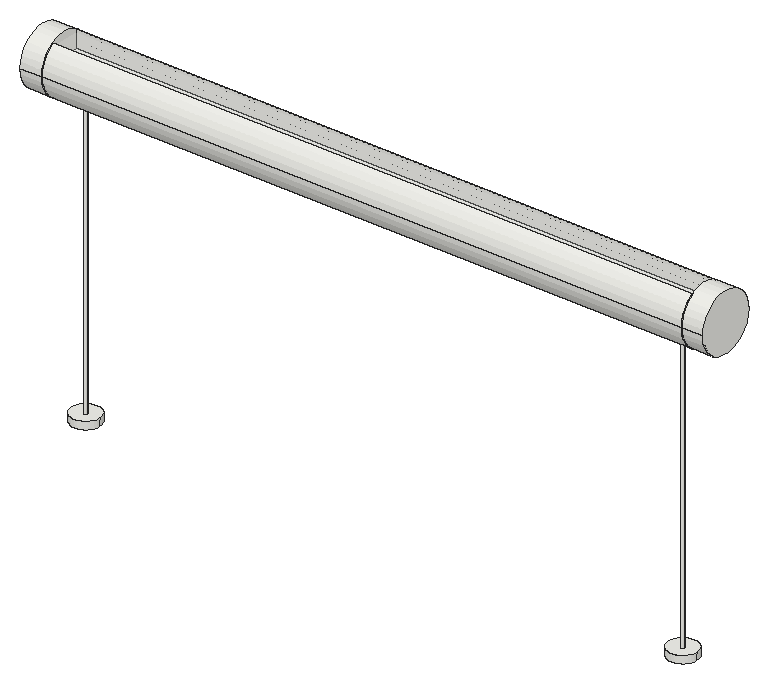
Revit family "2c8df626392e4534b9e8b4bc8ff0fa62", category Lighting Fixtures, host Face, Revit 2021
Family settings
  Host = Face
  Round Connector Dimension = Use Diameter
  Part Type = Normal
  OmniClass Number = 23.80.70.11.11
  OmniClass Title = General Luminaries, Non Directional
  Seek Item ID = Pendant Light - Linear - 1 Lamp-0000-USA-ENU
  Cut with Voids When Loaded = No
  Light Source = Yes
  Shared = No
  Room Calculation Point = No
Parameters (values of type "48" - 120V")
  Wattage = 40 W
  built-in parameter 1150110 = 1 (stored number, unit not read)
  built-in parameter 1150109 = 1 (stored number, unit not read)
  built-in parameter 1150134 = 8
  built-in parameter 1150113 = 1 (stored number, unit not read)
  Tilt Angle = -90.00°
  Photometric Web File = "1x41T12.ies"
  Lumens = 3150 lm
  built-in parameter 1114217 = 0.88 (stored number, unit not read)
  built-in parameter 1150115 = 1 (stored number, unit not read)
  built-in parameter 1150105 = 250.67 (stored number, unit not read)
  Load Classification = Lighting - Dwelling Unit
  built-in parameter 1150137 = 1
  built-in parameter 1150139 = (empty or 0)
  Light Casing Material = Steel, Paint Finish, Ivory, Glossy
  Light Casing Length = 4' - 0"
  Length 1 = Light Casing Length / 2  # 2' - 0"
  built-in parameter 1150112 = 1 (stored number, unit not read)
  built-in parameter 1150114 = 1 (stored number, unit not read)
  Lamp = "T-12"
  built-in parameter 1150132 = (empty or 0)
  built-in parameter 1150102 = (empty or 0)
  built-in parameter 1150138 = (empty or 0)
  built-in parameter 1150107 = 4230 (stored number, unit not read)
  built-in parameter 1150106 = 2.5067 (stored number, unit not read)
  Emit from Line Length = Light Casing Length - 0' 3"  # 3' - 9"
  built-in parameter 1150104 = 7.3161 (stored number, unit not read)
  Drop From Ceiling = 2' - 0"
  Dimming Lamp Color Temperature Shift = <None>
  Diffuser Material = Glass, White, High Luminance
  Default Elevation = 4' - 0"
  Color Filter = 16777215
  Ceiling Mount Material = Steel, Paint Finish, Ivory, Glossy
  built-in parameter 1140040 [instance] = 1
  Ballast Voltage = 120 V
  Ballast Number of Poles = 1
  built-in parameter 1114218 = 0.88 (stored number, unit not read)
  built-in parameter 1150133 = 10 (stored number, unit not read)
  Assembly Code = ""
  Apparent Load = 40 VA
Types (4): name | Wattage | Photometric Web File | Lumens | built-in parameter 1150105 | Light Casing Length | Length 1 | built-in parameter 1150106 | Emit from Line Length | built-in parameter 1150104 | Drop From Ceiling | Ballast Voltage | Apparent Load
  48" - 120V | 40 W | "1x41T12.ies" | 3150 lm | 250.67 (stored number, unit not read) | 4' - 0" | 2' - 0" | 2.5067 (stored number, unit not read) | 3' - 9" | 7.3161 (stored number, unit not read) | 2' - 0" | 120 V | 40 VA
  48" - 277V | 40 W | "1x41T12.ies" | 3150 lm | 250.67 (stored number, unit not read) | 4' - 0" | 2' - 0" | 2.5067 (stored number, unit not read) | 3' - 9" | 7.3161 (stored number, unit not read) | 2' - 0" | 277 V | 40 VA
  96" - 120V | 64 W | "482T12.ies" | 6000 lm | 477.46 (stored number, unit not read) | 8' - 0" | 4' - 0" | 4.7746 (stored number, unit not read) | 7' - 9" | 8.7097 (stored number, unit not read) | 1' - 0" | 120 V | 64 VA
  96" - 277V | 64 W | "482T12.ies" | 6000 lm | 477.46 (stored number, unit not read) | 8' - 0" | 4' - 0" | 4.7746 (stored number, unit not read) | 7' - 9" | 8.7097 (stored number, unit not read) | 1' - 0" | 277 V | 64 VA
Reference planes (in)
  plane 1 "Center (Front/Back)": y = 0
  plane 2: z = 0
  plane 3 "Center (Left/Right)": x = 0
  plane 4: z = 0.5
  plane 5: z = 22
  plane 6: z = 20
  plane 7: z = 23.5
  plane 8: z = 24
  plane 9: z = 23
  plane 10: x = -24
  plane 11: x = 24
  plane 12: x = -22.5
  plane 13: x = 22.5
  plane 14: x = -21
  plane 15: x = 21
  plane 16: z = 20.5
  plane 17: y = 1
  plane 18: y = -1
Forms (in)
  Extrusion 1, solid, material "Steel, Paint Finish, Ivory, Glossy" <- "Ceiling Mount Material"
    sketch origin (0, 0, 0) x (1, 0, 0) y (0, 1, 0)
      loop
        circle (-21, 0) r 1
    from 0 to 0.5
  Extrusion 2, solid, material "Steel, Paint Finish, Ivory, Glossy" <- "Ceiling Mount Material"
    sketch origin (0, 0, 0) x (1, 0, 0) y (0, 1, 0)
      loop
        circle (21, 0) r 1
    from 0 to 0.5
  Extrusion 3, solid, material "Steel, Paint Finish, Ivory, Glossy" <- "Ceiling Mount Material"
    sketch origin (0, 0, 0) x (1, 0, 0) y (0, 1, 0)
      loop
        circle (-21, 0) r 0.125
    from 0 to 20.5
  Extrusion 4, solid, material "Steel, Paint Finish, Ivory, Glossy" <- "Ceiling Mount Material"
    sketch origin (0, 0, 0) x (1, 0, 0) y (0, 1, 0)
      loop
        circle (21, 0) r 0.125
    from 0 to 20.5
  Extrusion 5, solid, material "Steel, Paint Finish, Ivory, Glossy" <- "Light Casing Material"
    sketch origin (0, 0, 0) x (0, 1, 0) y (0, 0, 1)
      loop
        circle (0, 22) r 2
    from -22.5 to 22.5
  Extrusion 6, solid, material "Steel, Paint Finish, Ivory, Glossy" <- "Light Casing Material"
    sketch origin (0, 0, 0) x (0, 1, 0) y (0, 0, 1)
      loop
        circle (0, 22) r 2
    from 22.5 to 24
  Extrusion 7, solid, material "Steel, Paint Finish, Ivory, Glossy" <- "Light Casing Material"
    sketch origin (0, 0, 0) x (0, 1, 0) y (0, 0, 1)
      loop
        circle (0, 22) r 2
    from -24 to -22.5
  Extrusion 8, void
    sketch origin (0, 0, 2.5) x (0, 1, 0) y (0, 0, 1)
      loop
        line (1, 21.5) -> (-1, 21.5) -> (-1, 20) -> (1, 20) -> (1, 21.5)
    from -46.5 to 46.5
  Extrusion 9, solid, material "Glass, White, High Luminance" <- "Diffuser Material"
    sketch origin (0, 0, 0) x (0, 1, 0) y (0, 0, 1)
      loop
        line (-1, 23) -> (1, 23) -> (1, 23.5) -> (-1, 23.5) -> (-1, 23)
    from -22.5 to 22.5
Cuts and joins
  Extrusion 8 cuts Extrusion 5
  joined: Extrusion 2, Extrusion 4
  joined: Extrusion 1, Extrusion 3
Lines and regions (in)
  symbolic lines
    curve 1: line (-24, 2, 0) -> (-24, -2, 0)
    curve 2: line (-24, -2, 0) -> (24, -2, 0)
    curve 3: line (24, -2, 0) -> (24, 2, 0)
    curve 4: line (24, 2, 0) -> (-24, 2, 0)
    curve 5: circle (-21, 0, 0) r 1 normal (0, 0, 1)
    curve 6: circle (21, 0, 0) r 1 normal (0, 0, 1)
Dimensions and locks (in)
  plane 4 to plane 2 = 0' - 0 1/2"
  plane 8 to plane 9 = 0' - 1"
  plane 8 to plane 7 = 0' - 0 1/2"
  equal spacing: plane 8, plane 5, plane 6
  "Drop From Ceiling": plane 8 to plane 2
  plane 8 to plane 6 = 0' - 4"
  "Light Casing Length": plane 10 to plane 11
  plane 10 to plane 12 = 0' - 1 1/2"
  plane 13 to plane 11 = 0' - 1 1/2"
  plane 10 to plane 14 = 0' - 3"
  plane 15 to plane 11 = 0' - 3"
  plane 16 to plane 6 = 0' - 0 1/2"
  Extrusion 8 sketch curve to Extrusion 8 sketch curve = 0' - 2"
  equal spacing: Extrusion 8 sketch curve, plane 1 "Center (Front/Back)", Extrusion 8 sketch curve
  "Length 1": plane 10 to plane 3 "Center (Left/Right)"
  radius of Extrusion 1 sketch curve = 0' - 1"
  aligned and locked: plane 2 to host face
  aligned and locked: level to host face
  aligned and locked: plane 4 to Extrusion 1
  aligned and locked: plane 4 to Extrusion 2
  aligned and locked: plane 16 to Extrusion 3
  aligned and locked: Extrusion 4 to Extrusion 3
  aligned and locked: Extrusion 4 to level
  aligned and locked: Extrusion 3 to level
  aligned and locked: Extrusion 2 to level
  aligned and locked: Extrusion 1 to level
  aligned and locked: plane 13 to Extrusion 5
  aligned and locked: Extrusion 5 to plane 12
  aligned and locked: plane 12 to Extrusion 7
  aligned and locked: plane 11 to Extrusion 6
  aligned and locked: Extrusion 6 to plane 13
  aligned and locked: plane 8 to Extrusion 8
  aligned and locked: plane 13 to Extrusion 9
  aligned and locked: Extrusion 9 to plane 12
  aligned and locked: Extrusion 7 to plane 10
  aligned and locked: plane 14 to curve 5
  aligned and locked: plane 1 "Center (Front/Back)" to curve 5
  aligned and locked: plane 15 to curve 6
  aligned and locked: plane 1 "Center (Front/Back)" to curve 6
  aligned and locked: plane 3 "Center (Left/Right)" to imposter light
  aligned and locked: imposter light to plane 1 "Center (Front/Back)"
  aligned and locked: plane 7 to imposter light
Automatic sketch dimensions
  host sketch curve to host sketch curve = 8' - 0"  (x2)
  Extrusion 1 sketch curve to plane 1 "Center (Front/Back)" = 0' - 0"
  Extrusion 1 sketch curve to plane 14 = 0' - 0"
  Extrusion 2 sketch curve to plane 1 "Center (Front/Back)" = 0' - 0"
  Extrusion 2 sketch curve to plane 15 = 0' - 0"
  Extrusion 3 sketch curve to plane 1 "Center (Front/Back)" = 0' - 0"
  Extrusion 3 sketch curve to plane 14 = 0' - 0"
  Extrusion 4 sketch curve to plane 1 "Center (Front/Back)" = 0' - 0"
  Extrusion 4 sketch curve to plane 15 = 0' - 0"
  Extrusion 5 sketch curve to plane 1 "Center (Front/Back)" = 0' - 0"
  Extrusion 5 sketch curve to plane 5 = 0' - 0"
  Extrusion 6 sketch curve to plane 1 "Center (Front/Back)" = 0' - 0"
  Extrusion 6 sketch curve to plane 5 = 0' - 0"
  Extrusion 7 sketch curve to plane 1 "Center (Front/Back)" = 0' - 0"
  Extrusion 7 sketch curve to plane 5 = 0' - 0"
  plane 6 to Extrusion 8 sketch curve = 0' - 2 1/2"
  plane 5 to Extrusion 8 sketch curve = 0' - 2"
  Extrusion 9 sketch curve to plane 7 = 0' - 0"
  Extrusion 9 sketch curve to plane 9 = 0' - 0"
  plane 1 "Center (Front/Back)" to Extrusion 9 sketch curve = 0' - 1"
  Extrusion 9 sketch curve to plane 1 "Center (Front/Back)" = 0' - 1"
  curve 1 to plane 10 = 0' - 0"
  curve 3 to plane 11 = 0' - 0"
  curve 4 to plane 1 "Center (Front/Back)" = 0' - 2"
  plane 1 "Center (Front/Back)" to curve 3 = 0' - 2"
  radius of Extrusion 2 sketch curve = 0' - 1"
  radius of Extrusion 3 sketch curve = 0' - 0 1/8"
  radius of Extrusion 4 sketch curve = 0' - 0 1/8"
  radius of Extrusion 5 sketch curve = 0' - 2"
  radius of Extrusion 6 sketch curve = 0' - 2"
  radius of Extrusion 7 sketch curve = 0' - 2"
  radius of curve 5 = 0' - 1"
  radius of curve 6 = 0' - 1"
Connectors (in)
  electrical at (0, 0, 23.5), driven by "Apparent Load", driven by "Ballast Number of Poles", driven by "Ballast Voltage", driven by "Load Classification"
    settings: on Extrusion 9, index 1, voltage 120 V, apparent load 0 VA, apparent load phase1 40 VA, apparent load phase2 0 VA, apparent load phase3 0 VA, power factor 0.95, load classification "Lighting - Dwelling Unit", number of poles 1, system type 31, power factor state 1, is connector primary yes, connector utility no, sub classification motor no, connector description ""
